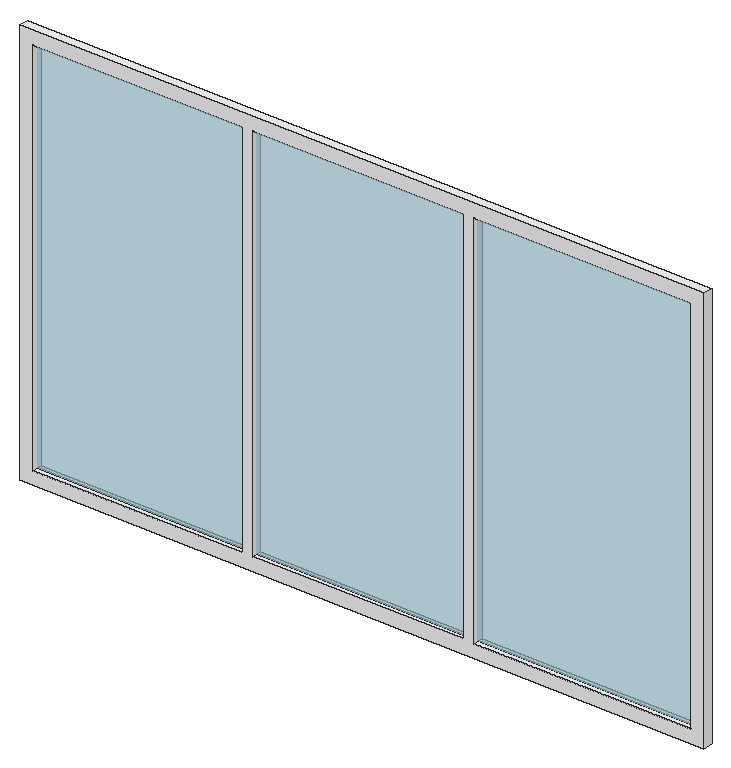
Revit family
Parameters (values of type "2600 x 1550")
  Assembly Code = ""
  Cost = 240000
  Top Rail = 50 mm
  Stile = 50 mm
  Shutter = 합성수지
  Panel = Glass (2)
  Height = 1550 mm
  Frame Width = 50 mm
  Frame Depth = 100 mm
  Frame = 합성수지
  Default Sill Height = 0 mm
  Wall Closure = (empty or 0)
  Width = 2600 mm
  Bottom Rail = 50 mm
Reference planes
  plane 1: y = 5
  plane 2 "Center (Left/Right)": x = 0
  plane 3 "Left": x = -1300
  plane 4 "Right": x = 1300
  plane 5 "Sill": z = 0
  plane 6 "Head": z = 1550
  plane 7 "Exterior": y = 80
  plane 8 "Interior": y = -70
  plane 9: x = -1250
  plane 10: x = 1250
  plane 11: y = 55
  plane 12: y = -45
  plane 13: z = 1500
  plane 14: z = 50
  plane 15: x = -1200
  plane 16: x = 1200
  plane 17: z = 1450
  plane 18: z = 100
  plane 19: x = -50
  plane 20: x = 50
  plane 21: z = 775
Forms (mm)
  Extrusion 1, solid, material "Glass (2)" <- "Panel"
    sketch origin (0, 0, 100.078) x (0, -1, 0) y (-1, 0, 0)
      loop
        line (25.5, 1250) -> (25.5, -1250) -> (29.5, -1250) -> (29.5, 1250) -> (25.5, 1250)
    from 50.095 to -1399.905
  Extrusion 2, solid, material "합성수지" <- "Shutter"
    sketch origin (0, -45, 0.078) x (-1, 0, 0) y (0, 0, -1)
      loop
        line (1300, 0.078) -> (-1300, 0.078) -> (-1300, -1550) -> (1300, -1550) -> (1300, 0.078)
      loop
        line (-1250, -1499.905) -> (-425, -1499.905) -> (-425, -49.905) -> (-1250, -49.905) -> (-1250, -1499.905)
      loop
        line (1250, -49.905) -> (455, -49.905) -> (455, -1499.905) -> (1250, -1499.905) -> (1250, -49.905)
      loop
        line (-385, -1499.905) -> (415, -1499.905) -> (415, -49.905) -> (-385, -49.905) -> (-385, -1499.905)
    from 0 to -35
Lines and regions (mm)
  Opening 1
    outline origin (3500, -70, 0.078) x (1, 0, 0) y (0, 0, 1)
      loop
        line (-2200, 0) -> (-2200, 1550) -> (-4800, 1550) -> (-4800, 0) -> (-2200, 0)
  symbolic lines, style "WindowsFrameMullionProjection", detail levels medium+fine
    curve 1: line (-1300, 55.744, 0) -> (-1250, 55.744, 0)
    curve 2: line (-1250, 55.744, 0) -> (-1250, -15, 0)
    curve 3: line (-1265, -15, 0) -> (-1250, -15, 0)
    curve 4: line (-1265, -15, 0) -> (-1265, -45, 0)
    curve 5: line (-1300, -45, 0) -> (-1265, -45, 0)
    curve 6: line (1300, 55.744, 0) -> (1250, 55.744, 0)
    curve 7: line (1250, 55.744, 0) -> (1250, -14.256, 0)
    curve 8: line (1250, -9.256, 0) -> (1265, -9.256, 0)
    curve 9: line (1265, -9.256, 0) -> (1265, -44.256, 0)
    curve 10: line (1265, -44.256, 0) -> (1300, -44.256, 0)
    curve 11: line (1300, -44.256, 0) -> (1300, 55.744, 0)
    curve 13: line (-1300, 55.744, 0) -> (-1300, -45, 0)
  symbolic lines, style "Plan Swing"
    curve 12: line (-1265, -45, 0) -> (1265, -44.256, 0)
  symbolic lines, style "WindowsFrameMullionProjection", detail levels coarse
    curve 14: line (-1265, -45, 0) -> (-1300, -45, 0)
    curve 15: line (-1265, 55.744, 0) -> (-1265, -45, 0)
    curve 16: line (-1300, 55.744, 0) -> (-1265, 55.744, 0)
    curve 17: line (-1300, -45, 0) -> (-1300, 55.744, 0)
    curve 18: line (1265, -44.256, 0) -> (1300, -44.256, 0)
    curve 19: line (1265, 55.744, 0) -> (1265, -44.256, 0)
    curve 20: line (1300, 55.744, 0) -> (1265, 55.744, 0)
    curve 21: line (1300, -44.256, 0) -> (1300, 55.744, 0)
  symbolic lines, style "Elevation Swing Coarse", detail levels coarse
    curve 22: line (1250, 0, 775) -> (0, 0, 1345)
    curve 23: line (1250, 0, 775) -> (0, 0, 95)
    curve 24: line (0, 0, 1345) -> (-1250, 0, 775)
    curve 25: line (0, 0, 95) -> (-1250, 0, 775)
  symbolic lines, style "Plan Swing", detail levels coarse
    curve 26: line (-1265, -9.256, 0) -> (1265, -9.256, 0)
  symbolic lines, style "Elevation Swing Medium", detail levels medium
    curve 27: line (1250, 0, 775) -> (0, 0, 1345)
    curve 28: line (1250, 0, 775) -> (0, 0, 95)
    curve 29: line (0, 0, 1345) -> (-1250, 0, 775)
    curve 30: line (0, 0, 95) -> (-1250, 0, 775)
  symbolic lines, style "Elevation Swing Fine", detail levels fine
    curve 31: line (1250, 0, 775) -> (0, 0, 1345)
    curve 32: line (1250, 0, 775) -> (0, 0, 95)
    curve 33: line (0, 0, 1345) -> (-1250, 0, 775)
    curve 34: line (0, 0, 95) -> (-1250, 0, 775)
Text (mm)
  text "EXTERIOR" at (-1963.203, 1332.353, 0), in view "Ref. Level"
  text "INTERIOR" at (-1981.466, -818.386, 0), in view "Ref. Level"
  text "Exterior" at (0, 923.751, 2943.296), in view "Right"
  text "Exterior" at (0, 1040.484, 2685.409), in view "Left"
Dimensions and locks
  equal spacing: plane 3 "Left", plane 2 "Center (Left/Right)", plane 4 "Right"
  "Width": plane 3 "Left" to plane 4 "Right"
  "Height": plane 5 "Sill" to plane 6 "Head"
  "Default Sill Height": plane 5 "Sill" to level
  locked: plane 7 "Exterior" to host wall at 0
  locked: plane 8 "Interior" to host wall
  "Frame Width": plane 3 "Left" to plane 9
  "Frame Width": plane 10 to plane 4 "Right"
  equal spacing: plane 12, plane 1, plane 11
  "Frame Depth": plane 12 to plane 11
  "Frame Width": plane 6 "Head" to plane 13
  "Frame Width": plane 14 to plane 5 "Sill"
  "Stile": plane 15 to plane 9
  "Stile": plane 10 to plane 16
  "Stile": plane 2 "Center (Left/Right)" to plane 19
  "Stile": plane 20 to plane 2 "Center (Left/Right)"
  "Top Rail": plane 13 to plane 17
  "Bottom Rail": plane 18 to plane 14
  equal spacing: plane 6 "Head", plane 21, plane 5 "Sill"
  equal spacing: plane 8 "Interior", plane 1, plane 7 "Exterior"
  aligned and locked: curve 7 to curve 8
  aligned and locked: curve 13 to curve 1
  aligned and locked: curve 13 to curve 5
  aligned and locked: plane 3 "Left" to curve 13
  aligned: Extrusion 1 to Extrusion 2  (x4)
Automatic sketch dimensions
  curve 12 to plane 12 = 0 mm
  plane 10 to curve 8 = 15 mm
  curve 3 to curve 26 = 5.744 mm
  curve 7 to curve 8 = 5 mm
  curve 29 to plane 2 "Center (Left/Right)" = 0 mm
  curve 24 to plane 9 = 0 mm
  curve 24 to plane 21 = 0 mm
  curve 27 to plane 10 = 0 mm
  curve 27 to plane 21 = 0 mm
  curve 32 to plane 2 "Center (Left/Right)" = 0 mm
  plane 17 to curve 33 = 105 mm
  plane 18 to curve 32 = 5 mm
  level to Opening 1 sketch curve = 0.078 mm
  Opening 1 sketch curve to plane 3 "Left" = 0 mm
  Opening 1 sketch curve to plane 4 "Right" = 0 mm
  Opening 1 sketch curve to plane 6 "Head" = 0.078 mm
  plane 16 to Extrusion 1 sketch curve = 50 mm
  Extrusion 1 sketch curve to plane 12 = 19.5 mm
  Extrusion 1 sketch curve to Extrusion 1 sketch curve = 4 mm
  plane 16 to Extrusion 2 sketch curve = 50 mm
  plane 18 to Extrusion 2 sketch curve = 50.017 mm  (x3)
  Extrusion 2 sketch curve to plane 9 = 50 mm
  plane 10 to Extrusion 2 sketch curve = 50 mm
  plane 20 to Extrusion 2 sketch curve = 375 mm
  Extrusion 2 sketch curve to Extrusion 2 sketch curve = 40 mm  (x2)
  Extrusion 2 sketch curve to plane 19 = 365 mm
  Extrusion 2 sketch curve to plane 15 = 50 mm
  Extrusion 2 sketch curve to plane 13 = 50.078 mm
  plane 14 to Extrusion 2 sketch curve = 50 mm
  Extrusion 2 sketch curve to plane 17 = 49.983 mm  (x3)
  Extrusion 1 sketch curve to plane 19 = 1200 mm
  curve 1 to plane 3 "Left" = 0 mm
  curve 3 to plane 9 = 0 mm
  curve 7 to plane 10 = 0 mm
  curve 6 to plane 4 "Right" = 0 mm
  curve 4 to curve 2 = 15 mm
  curve 10 to plane 12 = 0.744 mm
  host wall to curve 3 = 20 mm
  curve 7 to curve 26 = 5 mm
  curve 15 to plane 11 = 0.744 mm
  curve 11 to plane 11 = 0.744 mm
